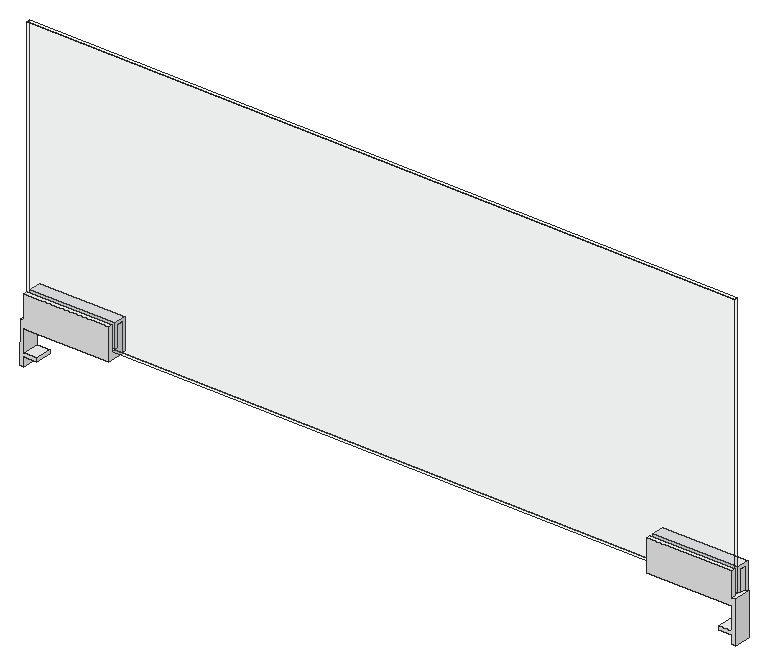
Revit family "Clarus_Divide Thinline_Center Clamp_R20", category Furniture, host Face, Revit 2020
Family settings
  Host = Face
  Cut with Voids When Loaded = No
  Shared = No
  Room Calculation Point = No
Parameters (values of type "6" Clamp - 48" Width")
  Width = 48"
  URL = "https://www.clarus.com/"
  TRC Standards [instance] = "http://therevitcollection.com/news/trc-news-the-revit-collection-standards-explained/"
  Product URL = "https://www.clarus.com/divide-thinline/"
  More Revit Families! [instance] = "www.therevitcollection.com"
  Modeled By = "Commense Studio"  # constant formula
  Model = "Divide ThinLine"  # constant formula
  Manufacturer = "Clarus"  # constant formula
  Height Control = if(Height > 30", 30", Height)  # 18"
  Edge Offset = 0"  # constant formula
  Clarus Clamp [instance] = Clarus White
  Description = "Buckle down on your workspace challenges with Divide ThinLine from Clarus®. This beautifully\r\nengineered desk divider system boasts clean lines that won’t harm your existing offi ce furniture.\r\nSince no drilling is involved and all hardware screws are strategically hidden inside the clamps,\r\nDivide ThinLine seamlessly integrates and reduces visual distractions in your offi ce, all while\r\nmaintaining the overall aesthetic. Using this new patent pending state-of-the-art clamping system,\r\nDivide ThinLine can be easily installed at the back, side or along the center of a desk, giving you the\r\nfreedom to accommodate power cords, monitor arm att achments and more. You have the option to\r\nmix and match ThinLine Top, ThinLine Side and ThinLine Center hardware on the same table, which\r\nallows you to uniquely divide up your offi ce with stability and style."  # constant formula
  Height = 18"
  Designer = ""
  Glass Thickness = 1/4"
  Default Elevation = 0"
  Clarus Glass [instance] = Glass
  Clamp Width = 6"
  Assembly Code = ""
Reference planes (in)
  plane 1 "Center (Front/Back)": y = 0
  plane 2: z = 0
  plane 3 "Center (Left/Right)": x = 0
  plane 4 "L": x = -24
  plane 5 "R": x = 24
  plane 6 "F": y = -0.25
  plane 7: z = 18.5
  plane 8: x = -24
  plane 9: x = 24
  plane 10: z = 0.5
Forms (in)
  Extrusion 1, solid, material "Glass" <- "Clarus Glass"
    sketch origin (0, 0, 0) x (1, 0, 0) y (0, 1, 0)
      loop
        line (-24, 0) -> (-24, -0.25) -> (24, -0.25) -> (24, 0) -> (-24, 0)
    from 0.5 to 18.5
Dimensions and locks (in)
  equal spacing: plane 4 "L", plane 3 "Center (Left/Right)", plane 5 "R"
  "Width": plane 4 "L" to plane 5 "R"
  "Glass Thickness": plane 6 "F" to plane 1 "Center (Front/Back)"
  "Height": plane 7 to plane 10
  "Edge Offset": plane 4 "L" to plane 8
  "Edge Offset": plane 5 "R" to plane 9
  locked: plane 10 to level at 0.5
  aligned and locked: plane 2 to host face
  aligned and locked: level to host face
  aligned and locked: plane 7 to Extrusion 1
  aligned and locked: Extrusion 1 to plane 10
  aligned and locked: nested 1 to plane 8
  aligned and locked: plane 9 to nested 2
Automatic sketch dimensions
  host sketch curve to host sketch curve = 48"
  host sketch curve to host sketch curve = 49.88232"
  Extrusion 1 sketch curve to plane 4 "L" = 0"
  Extrusion 1 sketch curve to plane 5 "R" = 0"
  plane 6 "F" to Extrusion 1 sketch curve = 0"
  plane 1 "Center (Front/Back)" to Extrusion 1 sketch curve = 0"
Nested families (in)
  nested 1: "Thinline Center Clamp_R18" at (-21.25, 0.875, 0) x (-1, 0, 0) z (0, 0, 1), Core Finish <- "Clarus Clamp", type "Thinline Center Clamp_R18"
    with TRC Standards "http://therevitcollection.com/news/trc-news-the-revit-collection-standards-explained/", More Revit Families! "www.therevitcollection.com", Core Finish Clarus White
  nested 2: "Thinline Center Clamp_R18" at (21.25, 0.875, 0), Core Finish <- "Clarus Clamp", type "Thinline Center Clamp_R18"
    with TRC Standards "http://therevitcollection.com/news/trc-news-the-revit-collection-standards-explained/", More Revit Families! "www.therevitcollection.com", Core Finish Clarus White
Definition of nested family "Thinline Center Clamp_R18"
  Parameters (values of type "Thinline Center Clamp_R18")
    Width = 6"
    URL = "https://www.clarus.com/"
    TRC Standards [instance] = "http://therevitcollection.com/news/trc-news-the-revit-collection-standards-explained/"
    Product URL = "https://www.clarus.com/be-shield/"
    More Revit Families! [instance] = "www.therevitcollection.com"
    Modeled By = "Commense Studio"  # constant formula
    Model = "be! Shield"  # constant formula
    Manufacturer = "Clarus"  # constant formula
    Core Finish [instance] = none
    Description = "be! Shield Leg Configs"  # constant formula
    Height = 4 7/16"
    Designer = ""
    Depth = 1 3/8"
    Default Elevation = 0"
    Assembly Code = ""
  Reference planes (in)
    plane 1 "Center (Front/Back)": y = 0
    plane 2: z = 0
    plane 3 "Center (Left/Right)": x = 0
    plane 4 "L": x = -3
    plane 5 "R": x = 3
    plane 6 "F": y = -1.375
    plane 7: x = 2.75
  Forms (in)
    Extrusion 1, solid
      sketch origin (0, 0, 0) x (1, 0, 0) y (0, 1, 0)
        loop
          line (-48, 48) -> (-48, -48) -> (48, -48) -> (48, 48) -> (-48, 48)
      from 0 to -12
    Extrusion 2, solid, material <- "Core Finish"
      sketch origin (10.61611, 0, 0) x (0, 0, 1) y (0, -1, 0)
        loop
          line (2.125, 1.375) -> (0, 1.375) -> (0, 0.28125) -> (1.875, 0.28125) -> (1.875, 0.59375) -> (0.5, 0.59375) -> (0.5, 1.125) -> (2.125, 1.125) -> (2.125, 1.375)
        loop
          line (0.5625, 0.6875) -> (1.9375, 0.6875) -> (1.9375, 0.1875) -> (0.06115, 0.1875) -> (0.06115, 0) -> (2.125, 0) -> (2.125, 0.875) -> (0.5625, 0.875) -> (0.5625, 0.6875)
      from -13.61611 to -7.86611
    Extrusion 3, solid, material <- "Core Finish"
      sketch origin (1.625, 9.92861, 0) x (0, 0, 1) y (1, 0, 0)
        loop
          line (0.5, 1.375) -> (-2.3125, 1.375) -> (-2.3125, 1.125) -> (-1.75135, 1.125) -> (-1.75135, 0.28125) -> (-1.50135, 0.28125) -> (-1.50135, 1.125) -> (0.5, 1.125) -> (0.5, 1.375)
      from -11.30361 to -10.20986
  Cuts and joins
    joined: Extrusion 2, Extrusion 3
  Dimensions and locks (in)
    equal spacing: plane 4 "L", plane 3 "Center (Left/Right)", plane 5 "R"
    "Width": plane 4 "L" to plane 5 "R"
    "Depth": plane 6 "F" to plane 1 "Center (Front/Back)"
    locked: plane 7 to plane 5 "R" at 0.25
    aligned and locked: plane 2 to Extrusion 1
    aligned and locked: level to Extrusion 1
    aligned and locked: Extrusion 2 to plane 4 "L"
    aligned and locked: plane 6 "F" to Extrusion 3
    aligned and locked: Extrusion 2 to plane 7
  Automatic sketch dimensions
    Extrusion 1 sketch curve to Extrusion 1 sketch curve = 96"  (x2)
    Extrusion 2 sketch curve to plane 1 "Center (Front/Back)" = 0"
    level to Extrusion 2 sketch curve = 0.06115"
    level to Extrusion 2 sketch curve = 1/2"
    Extrusion 2 sketch curve to Extrusion 2 sketch curve = 1/16"  (x2)
    plane 1 "Center (Front/Back)" to Extrusion 2 sketch curve = 19/32"
    Extrusion 2 sketch curve to Extrusion 2 sketch curve = 1 5/16"
    Extrusion 2 sketch curve to Extrusion 2 sketch curve = 3/16"  (x3)
    plane 1 "Center (Front/Back)" to Extrusion 2 sketch curve = 3/16"
    Extrusion 2 sketch curve to Extrusion 2 sketch curve = 3/32"  (x2)
    Extrusion 2 sketch curve to plane 6 "F" = 1/4"
    level to Extrusion 3 sketch curve = 1/2"
    Extrusion 3 sketch curve to plane 5 "R" = 1/4"  (x2)
    Extrusion 3 sketch curve to Extrusion 3 sketch curve = 2.00135"
    Extrusion 3 sketch curve to Extrusion 3 sketch curve = 1/4"
    Extrusion 3 sketch curve to Extrusion 3 sketch curve = 0.56115"
    Extrusion 3 sketch curve to Extrusion 3 sketch curve = 27/32"
    Extrusion 2 sketch curve to level = 0"
    Extrusion 2 sketch curve to plane 6 "F" = 0"
    Extrusion 3 sketch curve to plane 5 "R" = 0"
